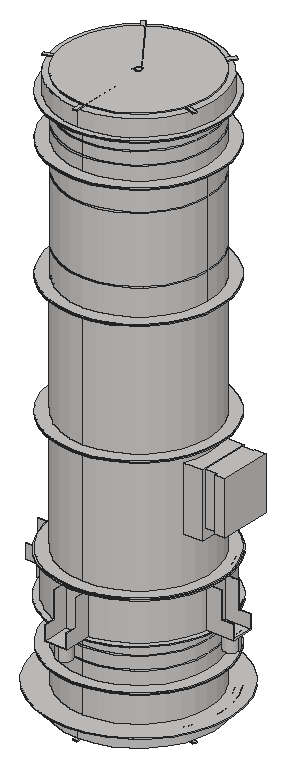
Revit family "HARMANN - REVIT - MAXEE_EC - pionowy", category Wyposażenie mechaniczne, Revit 2025
Family settings
  Wymiar okrągłego złącza = Użyj średnicy
  Klasyfikacja = Brak
  Typ części = Normalny
  Oparty na płaszczyźnie roboczej = Nie
  Zawsze pionowo = Tak
  Tnij formami wycięć po wczytaniu = Nie
  Zachowaj orientację opisów = Nie
  Współdzielony = Nie
  Punkt obliczania pomieszczeń = Nie
Parameters (values of type "MAXEE 500/9800EC")
  Zaznacz wybrane akcesoria [instance] = "Wybierz akcesoria"  # constant formula
  Zasilanie natężenie maksymalne Imax = 6 A
  Zasilanie napięcie nominalne Unom = 230 V  # constant formula
  Zasilanie fmin = 1 V  # constant formula
  Zasilanie fmax = 10 V  # constant formula
  Zasilanie Moc maksymalna Pmax = 1164 W
  Zasilanie Ilość faz = 1  # constant formula
  Wyłącznik serwisowy GS [instance] = 1 = 1  # yes
  Wysokość FSD = size_lookup(Lookup Table Name, "Wysokość FSD", 1.00 mm, N1)  # 57.00 mm
  Wysokość FAL = size_lookup(Lookup Table Name, "Wysokość FAL", 1.00 mm, N1)  # 99.00 mm
  Wysokość = R2 - (Wysokość FAL / 2) + 8.00 mm  # 208.50 mm
  Temperatura pracy T = 60 °C  # constant formula
  TRA [instance] = and(D > 999.00 mm, D < 1251.00 mm)  # no
  Rzeczywista Wartość Przepływu Wylot [instance] = Podaj Rzeczywistą Wartość Przepływu Wylot  # 0.0 m³/h
  Rzeczywista Wartość Przepływu Wlot [instance] = Podaj Rzeczywistą Wartość Przepływu Wlot  # 0.0 m³/h
  R2 = D / 2  # 250.00 mm
  Powietrze ciśnienie statyczne maksymalne dPmax = 260.0 Pa
  Powietrze Przepływ Maksymalny Qmax = 11640.0 m³/h
  Podaj Rzeczywistą Wartość Przepływu Wylot [instance] = 0.0 m³/h
  Podaj Rzeczywistą Wartość Przepływu Wlot [instance] = 0.0 m³/h
  Obroty nominalne nnom = 1510.000 obr./min
  Numer artykułu = "15411300"
  N1 = 9 mm
  Model = "MAXEE 500/9800EC"
  Moc akustyczna nominalna obudowa Lwa = "67dB(A)"
  Masa = 32.80 kg
  Producent = "Harmann Polska Sp. z o.o."  # constant formula
  MAXEE = HARMANN - MAXEE : MAXEE 500/9800EC
  Lookup Table Name = "MAXEE EC"
  Klasa odporności ogniowej Tmax = "brak"  # constant formula
  F = size_lookup(Lookup Table Name, "F", 1.00 mm, N1)  # 465.00 mm
  Długość TRA = Długość MAXEE - (23.50 mm * 2)  # 396.00 mm
  Długość SGE = 6.50 mm  # constant formula
  Długość RVS SPR [instance] = if(Czy Przyłącze okrągłe RVS, Długość RVS, 0.00 mm)  # 443.00 mm
  Długość RVS [instance] = size_lookup(Lookup Table Name, "Długość RVS", 1.00 mm, N1)  # 443.00 mm
  Długość RVK SPR [instance] = if(Czy Klapa Zwrotna RVK, Długość RVK, 0.00 mm)  # 441.00 mm
  Długość RVK [instance] = size_lookup(Lookup Table Name, "Długość RVK F4", 1.00 mm, N1)  # 441.00 mm
  Długość RAS od strony tłoczonej SPR [instance] = if(Czy Złącze Elastyczne RAS od strony tłocznej, Długość RAS, 0.00 mm)  # 153.00 mm
  Długość RAS SPR [instance] = if(Czy Złącze Elastyczne RAS, Długość RAS, 0.00 mm)  # 153.00 mm
  Długość RAS [instance] = size_lookup(Lookup Table Name, "Długość RAS F4", 1.00 mm, N1)  # 153.00 mm
  Długość RAF SPR [instance] = if(Czy Kołnierz Wlotowy RAF od strony tłocznej, Długość RAF, 0.00 mm)  # 63.00 mm
  Długość RAF [instance] = size_lookup(Lookup Table Name, "Długość RAF", 1.00 mm, N1)  # 63.00 mm
  Długość MR = size_lookup(Lookup Table Name, "Długość MR", 1.00 mm, N1)  # 154.00 mm
  Długość MAXEE = size_lookup(Lookup Table Name, "B", 1.00 mm, N1)  # 443.00 mm
  Długość ESD SPR [instance] = if(Czy Dysza wlotowa ESD, Długość ESD, 0.00 mm)  # 125.00 mm
  Długość ESD [instance] = size_lookup(Lookup Table Name, "Długość ESD", 1.00 mm, N1)  # 125.00 mm
  Opis = "Kanałowy wentylator - uklad wertykalny"  # constant formula
  Domyślna rzędna = 1219.20 mm
  D2 = D + 6.00 mm  # 506.00 mm
  D = size_lookup(Lookup Table Name, "D", 1.00 mm, N1)  # 500.00 mm
  Czy Złącze Elastyczne RAS od strony tłocznej [instance] = yes
  Czy Złącze Elastyczne RAS [instance] = yes
  Czy Siatka Ochronna SGW od strony ssawnej [instance] = yes
  Czy Siatka Ochronna SGW od strony tłocznej [instance] = yes
  Czy Przyłącze okrągłe RVS [instance] = yes
  Czy Kołnierz Wlotowy RAF od strony tłocznej [instance] = 1 = 1  # yes
  Czy Kołnierz Wlotowy RAF od strony ssawnej [instance] = 1 = 1  # yes
  Czy Klapa Zwrotna RVK [instance] = yes
  Czy Dysza wlotowa ESD [instance] = yes
  Ciśnienie akustyczne nominalne obudowa Lpa = "60 dB(A)"
  C = size_lookup(Lookup Table Name, "C", 1.00 mm, N1)  # 560.00 mm
  B = size_lookup(Lookup Table Name, "B", 1.00 mm, N1)  # 443.00 mm
  Autor = "https://www.archispace.com/"
  Akcesoria od strony tłocznej (WYLOT) [instance] = "Akcesoria od strony tłocznej"  # constant formula
  Akcesoria od strony ssawnej (WLOT) = "Akcesoria od strony ssawnej"  # constant formula
  Akc SGE dla ESD = HARMANN - Akcesoria - SGE : SGE 500
  Akc SGE = HARMANN - Akcesoria - SGE : SGE 500
  Akc RVS = HARMANN - Akcesoria - RVS : RVS 500
  Akc RVK = HARMANN - Akcesoria - RVK : RVK 500
  Akc RAS = HARMANN - Akcesoria - RAS : RAS 500
  Akc RAF = HARMANN - Akcesoria - RAF : RAF 500
  Akc MR = HARMANN - Akcesoria - MR : MR 500
  Akc ESD = HARMANN - Akcesoria - ESD : ESD 500
  A = size_lookup(Lookup Table Name, "A", 1.00 mm, N1)  # 590.00 mm
Reference planes
  plane 1 "Center (Front/Back)": y = 0
  plane 2: z = 0
  plane 3 "Center (Left/Right)": x = 0
  plane 4: z = 69.5
  plane 5: z = 501.5
  plane 6: z = 347.5
  plane 7: z = 194.5
  plane 8: z = 944.5
  plane 9: z = 1981.5
  plane 10: z = 1828.5
  plane 11: z = 2044.5
  plane 12: z = 2051
  plane 13: z = 1387.5
  plane 14: z = 6.5
Dimensions and locks
  "Długość MR": plane 5 to plane 6
  "Długość RAS SPR": plane 6 to plane 7
  "Długość MAXEE": plane 8 to plane 5
  "Długość ESD SPR": plane 7 to plane 4
  "Długość RVK SPR": plane 10 to plane 13
  "Długość RVS SPR": plane 13 to plane 8
  "Długość RAS od strony tłoczonej SPR": plane 9 to plane 10
  "Długość RAF SPR": plane 11 to plane 9
  "Długość SGE": plane 12 to plane 11
  "Długość RAF SPR": plane 4 to plane 14
  "Długość SGE": plane 14 to level
  aligned and locked: level to plane 2
  aligned and locked: nested 1 to plane 1 "Center (Front/Back)"
  aligned and locked: nested 2 to plane 1 "Center (Front/Back)"
  aligned and locked: nested 3 to plane 1 "Center (Front/Back)"
  aligned and locked: nested 4 to plane 1 "Center (Front/Back)"
  aligned and locked: nested 4 to plane 5
  aligned and locked: nested 2 to plane 6
  aligned and locked: nested 3 to plane 7
  aligned and locked: plane 8 to nested 1
  aligned and locked: plane 1 "Center (Front/Back)" to nested 5
  aligned and locked: nested 6 to plane 9
  aligned and locked: nested 7 to plane 10
  aligned and locked: plane 1 "Center (Front/Back)" to nested 7
  aligned and locked: plane 3 "Center (Left/Right)" to nested 7
  aligned and locked: nested 8 to plane 1 "Center (Front/Back)"
  aligned and locked: plane 11 to nested 8
  aligned and locked: plane 13 to nested 5
  aligned and locked: nested 9 to plane 1 "Center (Front/Back)"
  aligned and locked: plane 12 to nested 9
  aligned and locked: plane 1 "Center (Front/Back)" to nested 10
  aligned and locked: plane 4 to nested 11
  aligned and locked: plane 14 to nested 10
  aligned and locked: plane 1 "Center (Front/Back)" to nested 11
Nested families
  nested 1: "HARMANN - MAXEE" at (0, 0, 501.5) x (0, 1, 0) z (1, 0, 0), type <- "MAXEE", type "MAXEE 500/9800EC"
  nested 2: "HARMANN - Akcesoria - RAS" at (0, 0, 194.5) x (0, 1, 0) z (1, 0, 0), type <- "Akc RAS", visible <- "Czy Złącze Elastyczne RAS", type "RAS 500"
    with N1 5 mm, Masa 6.00 kg, E 153.00 mm, D 504.00 mm, B 500.00 mm, A2 590.00 mm, A 560.00 mm
  nested 3: "HARMANN - Akcesoria - ESD" at (0, 0, 69.5) x (0, 1, 0) z (1, 0, 0), type <- "Akc ESD", visible <- "Czy Dysza wlotowa ESD", type "ESD 500"
  nested 4: "HARMANN - Akcesoria - MR" at (0, 0, 347.5) x (0, 1, 0) z (1, 0, 0), type <- "Akc MR", type "MR 500"
  nested 5: "HARMANN - Akcesoria - RVS" at (0, 0, 1387.5) x (0, -1, 0) z (1, 0, 0), type <- "Akc RVS", visible <- "Czy Przyłącze okrągłe RVS", type "RVS 500"
  nested 6: "HARMANN - Akcesoria - RAS" at (0, 0, 1828.5) x (0, 1, 0) z (1, 0, 0), type <- "Akc RAS", visible <- "Czy Złącze Elastyczne RAS od strony tłocznej", type "RAS 500"
    with N1 5 mm, Masa 6.00 kg, E 153.00 mm, D 504.00 mm, B 500.00 mm, A2 590.00 mm, A 560.00 mm
  nested 7: "HARMANN - Akcesoria - RVK" at (0, 0, 1387.5) x (1, 0, 0) z (0, -1, 0), type <- "Akc RVK", visible <- "Czy Klapa Zwrotna RVK", type "RVK 500"
    with Instalacja Pionowa yes
  nested 8: "HARMANN - Akcesoria - RAF" at (0, 0, 1981.5) x (0, -1, 0) z (1, 0, 0), type <- "Akc RAF", visible <- "Czy Kołnierz Wlotowy RAF od strony tłocznej", type "RAF 500"
  nested 9: "HARMANN - Akcesoria - SGE" at (0, 0, 2044.5) x (0, -1, 0) z (1, 0, 0), type <- "Akc SGE", visible <- "Czy Siatka Ochronna SGW od strony tłocznej", type "SGE 500"
  nested 10: "HARMANN - Akcesoria - SGE" at (0, 0, 6.5) x (0, -1, 0) z (1, 0, 0), type <- "Akc SGE dla ESD", visible <- "Czy Siatka Ochronna SGW od strony ssawnej", type "SGE 500"
  nested 11: "HARMANN - Akcesoria - RAF" at (0, 0, 69.5) x (0, -1, 0) z (1, 0, 0), type <- "Akc RAF", visible <- "Czy Kołnierz Wlotowy RAF od strony ssawnej", type "RAF 500"
Connectors
  electrical at (385, 0, 806.25), driven by "Zasilanie Ilość faz", driven by "Zasilanie napięcie nominalne Unom", driven by "Zasilanie Moc maksymalna Pmax"
    settings: on nested 1, index 1, voltage 230 V, apparent load 1164 VA, apparent load phase1 0 VA, apparent load phase2 0 VA, apparent load phase3 0 VA, power factor 1, load classification "Other", number of poles 1, system type 30, power factor state 1, is connector primary yes, connector utility no, sub classification motor no, connector description ""
  hvac at (0, 0, 1981.5), driven by "D", driven by "Rzeczywista Wartość Przepływu Wylot"
    settings: on nested 8, index 2, duct flow 0.0 m³/h, flow factor 0, pres drop 0.0 Pa, loss coef 0, conn angle 0.00°, conn width 304.8 mm, conn height 304.8 mm, conn diameter 500 mm, duct sys type 29, conn prof type 0, flow config 0, flow direction 2, loss method 0, conn ref index -1, conn util no, is conn primary yes, conn desc ""
  hvac at (0, 0, 194.5), driven by "D", driven by "Rzeczywista Wartość Przepływu Wlot"
    settings: on nested 3, index 3, duct flow 0.0 m³/h, flow factor 0, pres drop 0.0 Pa, loss coef 0, conn angle 0.00°, conn width 304.8 mm, conn height 304.8 mm, conn diameter 500 mm, duct sys type 29, conn prof type 0, flow config 1, flow direction 1, loss method 0, conn ref index -1, conn util no, is conn primary no, conn desc ""
Definition of nested family "HARMANN - MAXEE"
  Parameters (values of type "MAXEE 315/5100EC")
    z = D - 100.00 mm  # 215.00 mm
    y = D - 200.00 mm  # 115.00 mm
    R = D2 / 2  # 160.50 mm
    Numer artykułu = "15413600"
    N1 = 2 mm
    Model = "MAXEE 315/5100EC"
    Lookup Table Name = "MAXEE_EC"
    F = size_lookup(Lookup Table Name, "F", 1.00 mm, N1)  # 396.00 mm
    Description = "Wentylator bytowy"
    Default Elevation = 1219.20 mm
    D2 = D + 6.00 mm  # 321.00 mm
    D = size_lookup(Lookup Table Name, "D", 1.00 mm, N1)  # 315.00 mm
    B = size_lookup(Lookup Table Name, "B", 1.00 mm, N1)  # 383.00 mm
    A = size_lookup(Lookup Table Name, "A", 1.00 mm, N1)  # 380.00 mm
  Types (5, lengths in mm): name | z | y | R | Numer artykułu | N1 | Model | F | D2 | D | B | A
    MAXEE 500/9800EC | 400.00 | 300.00 | 253.00 | "15411300" | 9 | "MAXEE 500/9800EC" | 465.00 | 506.00 | 500.00 | 443.00 | 590.00
    MAXEE 450/11100EC | 350.00 | 250.00 | 228.00 | "15470800" | 7 | "MAXEE 450/11100EC" | 396.00 | 456.00 | 450.00 | 368.00 | 530.00
    MAXEE 400/8900EC | 300.00 | 200.00 | 203.00 | "15409300" | 6 | "MAXEE 400/8900EC" | 396.00 | 406.00 | 400.00 | 368.00 | 480.00
    MAXEE 355/7100EC | 255.00 | 155.00 | 180.50 | "15413600" | 4 | "MAXEE 355/7100EC" | 396.00 | 361.00 | 355.00 | 383.00 | 420.00
    MAXEE 315/5100EC | 215.00 | 115.00 | 160.50 | "15413600" | 2 | "MAXEE 315/5100EC" | 396.00 | 321.00 | 315.00 | 383.00 | 380.00
  Reference planes
    plane 1 "Center (Front/Back)": y = 0
    plane 2: z = 0
    plane 3 "Center (Left/Right)": x = 0
    plane 4: x = -157.5
    plane 5: x = 157.5
    plane 6: z = 157.5
    plane 7: z = -157.5
    plane 8: y = 383
    plane 9 "Center L/S": y = 3
    plane 10: y = 380
    plane 11: y = 283
    plane 12: y = 396
    plane 13: y = 340
    plane 14: y = 110
    plane 15: x = -92.5
    plane 16: x = 92.5
    plane 17: z = 292.5
  Forms (mm)
    Sweep 1, solid, detail levels medium+fine
      path origin (0, 0, 0) x (1, 0, 0) y (0, 1, 0)
        loop
          line (0, 380) -> (0, 3)
      profile origin (0, 191.5, 0) x (1, 0, 0) y (0, 0, 1)
        loop
          circle (0, 0) r 157.5
        loop
          circle (0, 0) r 160.5
    Sweep 2, solid, detail levels medium+fine
      path origin (0, 0, 0) x (1, 0, 0) y (0, 1, 0)
        loop
          line (0, 383) -> (0, 380)
      profile origin (0, 381.5, 0) x (1, 0, 0) y (0, 0, 1)
        loop
          circle (0, 0) r 190
        loop
          circle (0, 0) r 157.5
    Sweep 3, solid, detail levels medium+fine
      path origin (0, 0, 0) x (1, 0, 0) y (0, 1, 0)
        loop
          line (0, 3) -> (0, 0)
      profile origin (0, 1.5, 0) x (1, 0, 0) y (0, 0, 1)
        loop
          circle (0, 0) r 190
        loop
          circle (0, 0) r 157.5
    Sweep 4, solid, detail levels coarse
      path origin (0, 0, 0) x (1, 0, 0) y (0, 1, 0)
        loop
          line (0, 383) -> (0, 0)
      profile origin (0, 191.5, 0) x (1, 0, 0) y (0, 0, 1)
        loop
          circle (0, 0) r 190
    Sweep 5, solid, detail levels medium+fine
      path origin (-1437.329, -1524, 157.5) x (-1, 0, 0) y (0, -1, 0)
        loop
          line (-1437.329, -1864) -> (-1437.329, -1634)
      profile origin (0, 225, 157.5) x (1, 0, 0) y (0, 0, 1)
        loop
          line (92.5, -26.336) -> (92.5, 55.5) -> (-92.5, 55.5) -> (-92.5, -26.336)
          arc (-92.5, -26.336) -> (0, 3) -> (92.5, -26.336) r 160.5
    Sweep 6, solid, detail levels medium+fine
      path origin (-1437.329, -1524, 157.5) x (-1, 0, 0) y (0, -1, 0)
        loop
          line (-1437.329, -1864) -> (-1437.329, -1673.5)
      profile origin (0, 244.75, 157.5) x (1, 0, 0) y (0, 0, 1)
        loop
          line (-92.5, 135) -> (-92.5, 98) -> (-83.5, 98) -> (-83.5, 55.5) -> (83.5, 55.5) -> (83.5, 98) -> (92.5, 98) -> (92.5, 135) -> (-92.5, 135)
    Sweep 7, solid, detail levels medium+fine
      path origin (0, 0, 0) x (1, 0, 0) y (0, 1, 0)
        loop
          line (0, 380) -> (0, 3)
      profile origin (0, 191.5, 0) x (1, 0, 0) y (0, 0, 1)
        loop
          circle (0, 0) r 107.5
    Sweep 8, solid, detail levels medium+fine
      path origin (0, 0, 0) x (1, 0, 0) y (0, 1, 0)
        loop
          line (0, 396) -> (0, 383)
      profile origin (0, 389.5, 0) x (1, 0, 0) y (0, 0, 1)
        loop
          circle (0, 0) r 57.5
  Dimensions and locks
    equal spacing: plane 5, plane 3 "Center (Left/Right)", plane 4
    "D": plane 5 to plane 4
    equal spacing: plane 6, level, plane 7
    "D": plane 6 to plane 7
    locked: plane 1 "Center (Front/Back)" to plane 9 "Center L/S" at 3
    locked: plane 10 to plane 8 at 3
    locked: plane 11 to plane 8 at 100
    "F": plane 1 "Center (Front/Back)" to plane 12
    "B": plane 1 "Center (Front/Back)" to plane 8
    locked: plane 13 to plane 8 at 43
    locked: plane 14 to plane 13 at 230
    plane 15 to plane 3 "Center (Left/Right)" to plane 16 = 92.50 mm locked, 92.50 mm locked
    locked: plane 17 to plane 6 at 135
    locked: plane 17 to Sweep 5 sketch curve at 79.5
    locked: plane 17 to Sweep 6 sketch curve at 37
    locked: Sweep 6 sketch curve to plane 17 at 79.5
    locked: Sweep 6 sketch curve to plane 15 at 9
    locked: plane 16 to Sweep 6 sketch curve at 9
    locked: plane 14 to Sweep 6 sketch curve at 39.5
    "D": diameter of Sweep 1 sketch curve
    "D2": diameter of Sweep 1 sketch curve
    "D": diameter of Sweep 2 sketch curve
    "A": diameter of Sweep 2 sketch curve
    "D": diameter of Sweep 3 sketch curve
    "A": diameter of Sweep 3 sketch curve
    "A": diameter of Sweep 4 sketch curve
    "R": radius of Sweep 5 sketch curve
    "z": diameter of Sweep 7 sketch curve
    "y": diameter of Sweep 8 sketch curve
    aligned and locked: level to plane 2
    aligned and locked: Sweep 1 sketch curve to plane 3 "Center (Left/Right)"
    aligned and locked: plane 10 to Sweep 1 sketch curve
    aligned and locked: plane 9 "Center L/S" to Sweep 1 sketch curve
    aligned and locked: Sweep 2 sketch curve to plane 3 "Center (Left/Right)"
    aligned and locked: plane 8 to Sweep 2 sketch curve
    aligned and locked: plane 10 to Sweep 2 sketch curve
    aligned and locked: plane 1 "Center (Front/Back)" to Sweep 3 sketch curve
    aligned and locked: plane 9 "Center L/S" to Sweep 3 sketch curve
    aligned and locked: plane 8 to Sweep 4 sketch curve
    aligned and locked: plane 1 "Center (Front/Back)" to Sweep 4 sketch curve
    aligned and locked: Sweep 5 sketch curve to plane 3 "Center (Left/Right)"
    aligned and locked: plane 14 to Sweep 5 sketch curve
    aligned and locked: plane 13 to Sweep 5 sketch curve
    aligned and locked: Sweep 5 sketch curve to plane 15
    aligned and locked: Sweep 5 sketch curve to plane 16
    aligned and locked: level to Sweep 5 sketch curve
    aligned and locked: plane 3 "Center (Left/Right)" to Sweep 5 sketch curve
    aligned and locked: plane 13 to Sweep 6 sketch curve
    aligned and locked: Sweep 6 sketch curve to plane 15
    aligned and locked: Sweep 6 sketch curve to plane 16
    aligned and locked: Sweep 6 sketch curve to plane 17
    aligned and locked: plane 10 to Sweep 7 sketch curve
    aligned and locked: plane 9 "Center L/S" to Sweep 7 sketch curve
    aligned and locked: plane 12 to Sweep 8 sketch curve
    aligned and locked: plane 8 to Sweep 8 sketch curve
  Automatic sketch dimensions
    Sweep 3 sketch curve to plane 3 "Center (Left/Right)" = 0.00 mm
    Sweep 4 sketch curve to plane 3 "Center (Left/Right)" = 0.00 mm
    Sweep 6 sketch curve to Sweep 6 sketch curve = 37.00 mm
    Sweep 6 sketch curve to plane 3 "Center (Left/Right)" = 0.00 mm
    Sweep 7 sketch curve to plane 3 "Center (Left/Right)" = 0.00 mm
    Sweep 8 sketch curve to plane 3 "Center (Left/Right)" = 0.00 mm
    Sweep 1 sketch curve to Sweep 1 sketch curve = 0.00 mm  (x2)
    Sweep 1 sketch curve to level = 0.00 mm
    profile plane to Sweep 1 sketch curve = 0.00 mm
    Sweep 2 sketch curve to Sweep 2 sketch curve = 0.00 mm  (x2)
    Sweep 2 sketch curve to level = 0.00 mm
    profile plane to Sweep 2 sketch curve = 0.00 mm
    Sweep 3 sketch curve to Sweep 3 sketch curve = 0.00 mm  (x2)
    Sweep 3 sketch curve to level = 0.00 mm
    profile plane to Sweep 3 sketch curve = 0.00 mm
    Sweep 4 sketch curve to level = 0.00 mm
    profile plane to Sweep 4 sketch curve = 0.00 mm
    Sweep 7 sketch curve to level = 0.00 mm
    profile plane to Sweep 7 sketch curve = 0.00 mm
    Sweep 8 sketch curve to level = 0.00 mm
    profile plane to Sweep 8 sketch curve = 0.00 mm
Definition of nested family "HARMANN - Akcesoria - RAS"
  Parameters (values of type "RAS 315 F4")
    N1 = 1 mm
    Model = size_lookup(Lookup Table Name, "Model", "n/a", N1)  # "RAS 315 F4"
    Masa = 2.70 kg
    Manufacturer = "Harmann Polska Sp. z o.o."  # constant formula
    Lookup Table Name = "RAS F4"
    E = size_lookup(Lookup Table Name, "E", 1.00 mm, N1)  # 120.00 mm
    Description = "Złącze elastyczne"  # constant formula
    Default Elevation = 1219.20 mm
    D = B + 4.00 mm  # 319.00 mm
    B = size_lookup(Lookup Table Name, "B", 1.00 mm, N1)  # 315.00 mm
    A2 = A + 30.00 mm  # 385.00 mm
    A = size_lookup(Lookup Table Name, "A", 1.00 mm, N1)  # 355.00 mm
  Types (13, lengths in mm): name | N1 | Model | Masa | E | D | B | A2 | A
    RAS 1000 F4 | 11 | "RAS 1000 F4" | 16.50 kg | 245.00 | 1004.00 | 1000.00 | 1100.00 | 1070.00
    RAS 315 F4 | 1 | "RAS 315 F4" | 2.70 kg | 120.00 | 319.00 | 315.00 | 385.00 | 355.00
    RAS 355 F4 | 2 | "RAS 355 F4" | 3.30 kg | 120.00 | 359.00 | 355.00 | 425.00 | 395.00
    RAS 400 F4 | 3 | "RAS 400 F4" | 3.70 kg | 105.00 | 404.00 | 400.00 | 480.00 | 450.00
    RAS 450 F4 | 4 | "RAS 450 F4" | 4.50 kg | 105.00 | 454.00 | 450.00 | 530.00 | 500.00
    RAS 500 F4 | 5 | "RAS 500 F4" | 6.00 kg | 153.00 | 504.00 | 500.00 | 590.00 | 560.00
    RAS 560 F4 | 6 | "RAS 560 F4" | 6.60 kg | 153.00 | 564.00 | 560.00 | 650.00 | 620.00
    RAS 630 F4 | 7 | "RAS 630 F4" | 7.40 kg | 153.00 | 634.00 | 630.00 | 720.00 | 690.00
    RAS 710 F4 | 8 | "RAS 710 F4" | 12.50 kg | 255.00 | 714.00 | 710.00 | 800.00 | 770.00
    RAS 800 F4 | 9 | "RAS 800 F4" | 13.20 kg | 255.00 | 804.00 | 800.00 | 890.00 | 860.00
    RAS 900 F4 | 10 | "RAS 900 F4" | 14.90 kg | 245.00 | 904.00 | 900.00 | 1000.00 | 970.00
    RAS 1120 F4 | 12 | "RAS 1120 F4" | 18.50 kg | 235.00 | 1124.00 | 1120.00 | 1220.00 | 1190.00
    RAS 1250 F4 | 13 | "RAS 1250 F4" | 20.60 kg | 235.00 | 1254.00 | 1250.00 | 1350.00 | 1320.00
  Reference planes
    plane 1 "Center (Front/Back)": y = 0
    plane 2: z = 0
    plane 3 "Center (Left/Right)": x = 0
    plane 4: x = -177.5
    plane 5: x = 177.5
    plane 6: z = 177.5
    plane 7: z = -177.5
    plane 8: y = 120
    plane 9 "Center L/S": y = 3
    plane 10: y = 117
    plane 11: y = 20
    plane 12: y = 100
  Forms (mm)
    Sweep 1, solid, detail levels medium+fine
      path origin (0, 0, 0) x (1, 0, 0) y (0, 1, 0)
        loop
          line (0, 117) -> (0, 3)
      profile origin (0, 60, 0) x (1, 0, 0) y (0, 0, 1)
        loop
          circle (0, 0) r 159.5
        loop
          circle (0, 0) r 157.5
    Sweep 2, solid, detail levels medium+fine
      path origin (0, 0, 0) x (1, 0, 0) y (0, 1, 0)
        loop
          line (0, 120) -> (0, 117)
      profile origin (0, 118.5, 0) x (1, 0, 0) y (0, 0, 1)
        loop
          circle (0, 0) r 192.5
        loop
          circle (0, 0) r 157.5
    Sweep 3, solid, detail levels medium+fine
      path origin (0, 0, 0) x (1, 0, 0) y (0, 1, 0)
        loop
          line (0, 3) -> (0, 0)
      profile origin (0, 1.5, 0) x (1, 0, 0) y (0, 0, 1)
        loop
          circle (0, 0) r 192.5
        loop
          circle (0, 0) r 157.5
    Sweep 4, solid, detail levels coarse
      path origin (0, 0, 0) x (1, 0, 0) y (0, 1, 0)
        loop
          line (0, 120) -> (0, 0)
      profile origin (0, 60, 0) x (1, 0, 0) y (0, 0, 1)
        loop
          circle (0, 0) r 192.5
    Sweep 5, solid, detail levels medium+fine
      path origin (0, 0, 0) x (1, 0, 0) y (0, 1, 0)
        loop
          line (0, 102) -> (0, 98)
      profile origin (0, 100, 0) x (1, 0, 0) y (0, 0, 1)
        loop
          circle (0, 0) r 159.5
        loop
          circle (0, 0) r 157.5
    Sweep 6, solid, detail levels medium+fine
      path origin (0, 0, 0) x (1, 0, 0) y (0, 1, 0)
        loop
          line (0, 22) -> (0, 18)
      profile origin (0, 20, 0) x (1, 0, 0) y (0, 0, 1)
        loop
          circle (0, 0) r 159.5
        loop
          circle (0, 0) r 157.5
  Dimensions and locks
    equal spacing: plane 5, plane 3 "Center (Left/Right)", plane 4
    "A": plane 5 to plane 4
    equal spacing: plane 6, level, plane 7
    "A": plane 6 to plane 7
    locked: plane 1 "Center (Front/Back)" to plane 9 "Center L/S" at 3
    locked: plane 10 to plane 8 at 3
    locked: plane 11 to plane 8 at 100
    "E": plane 1 "Center (Front/Back)" to plane 8
    locked: plane 1 "Center (Front/Back)" to plane 12 at 100
    equal spacing: Sweep 5 sketch curve, plane 12, Sweep 5 sketch curve
    Sweep 5 sketch curve to Sweep 5 sketch curve = 4.00 mm
    locked: Sweep 6 sketch curve to Sweep 6 sketch curve at 4
    equal spacing: Sweep 6 sketch curve, plane 11, Sweep 6 sketch curve
    "B": diameter of Sweep 1 sketch curve
    "B": diameter of Sweep 2 sketch curve
    "A2": diameter of Sweep 2 sketch curve
    "B": diameter of Sweep 3 sketch curve
    "A2": diameter of Sweep 3 sketch curve
    "A2": diameter of Sweep 4 sketch curve
    "D": diameter of Sweep 1 sketch curve
    "D": diameter of Sweep 5 sketch curve
    "B": diameter of Sweep 5 sketch curve
    "D": diameter of Sweep 6 sketch curve
    "B": diameter of Sweep 6 sketch curve
    aligned and locked: level to plane 2
    aligned and locked: Sweep 1 sketch curve to plane 3 "Center (Left/Right)"
    aligned and locked: plane 10 to Sweep 1 sketch curve
    aligned and locked: plane 9 "Center L/S" to Sweep 1 sketch curve
    aligned and locked: Sweep 2 sketch curve to plane 3 "Center (Left/Right)"
    aligned and locked: plane 8 to Sweep 2 sketch curve
    aligned and locked: plane 10 to Sweep 2 sketch curve
    aligned and locked: plane 1 "Center (Front/Back)" to Sweep 3 sketch curve
    aligned and locked: plane 9 "Center L/S" to Sweep 3 sketch curve
    aligned and locked: plane 8 to Sweep 4 sketch curve
    aligned and locked: plane 1 "Center (Front/Back)" to Sweep 4 sketch curve
  Automatic sketch dimensions
    Sweep 3 sketch curve to plane 3 "Center (Left/Right)" = 0.00 mm
    Sweep 4 sketch curve to plane 3 "Center (Left/Right)" = 0.00 mm
    Sweep 5 sketch curve to plane 3 "Center (Left/Right)" = 0.00 mm
    Sweep 6 sketch curve to plane 3 "Center (Left/Right)" = 0.00 mm
    Sweep 1 sketch curve to Sweep 1 sketch curve = 0.00 mm  (x2)
    Sweep 1 sketch curve to level = 0.00 mm
    profile plane to Sweep 1 sketch curve = 0.00 mm
    Sweep 2 sketch curve to Sweep 2 sketch curve = 0.00 mm  (x2)
    Sweep 2 sketch curve to level = 0.00 mm
    profile plane to Sweep 2 sketch curve = 0.00 mm
    Sweep 3 sketch curve to Sweep 3 sketch curve = 0.00 mm  (x2)
    Sweep 3 sketch curve to level = 0.00 mm
    profile plane to Sweep 3 sketch curve = 0.00 mm
    Sweep 4 sketch curve to level = 0.00 mm
    profile plane to Sweep 4 sketch curve = 0.00 mm
    Sweep 5 sketch curve to Sweep 5 sketch curve = 0.00 mm  (x2)
    Sweep 5 sketch curve to level = 0.00 mm
    profile plane to Sweep 5 sketch curve = 0.00 mm
    Sweep 6 sketch curve to Sweep 6 sketch curve = 0.00 mm  (x2)
    Sweep 6 sketch curve to level = 0.00 mm
    profile plane to Sweep 6 sketch curve = 0.00 mm
Definition of nested family "HARMANN - Akcesoria - ESD"
  Parameters (values of type "ESD 1250")
    Numer artykułu = size_lookup(Lookup Table Name, "Numer artykułu", "n/a", N1)  # "15758000"
    N1 = 13 mm
    Model = size_lookup(Lookup Table Name, "Model", "n/a", N1)  # "ESD 1250"
    Manufacturer = "Harmann Polska Sp. z o.o."  # constant formula
    Lookup Table Name = "ESD"
    F2 = F + 50.00 mm  # 1520.00 mm
    F = size_lookup(Lookup Table Name, "F", 1.00 mm, N1)  # 1470.00 mm
    E = size_lookup(Lookup Table Name, "E", 1.00 mm, N1)  # 178.00 mm
    Description = "Dysza wlotowa"
    Default Elevation = 1219.20 mm
    B2 = B + 4.00 mm  # 1254.00 mm
    B = size_lookup(Lookup Table Name, "B", 1.00 mm, N1)  # 1250.00 mm
    A2 = A + 30.00 mm  # 1350.00 mm
    A = size_lookup(Lookup Table Name, "A", 1.00 mm, N1)  # 1320.00 mm
  Types (13, lengths in mm): name | Numer artykułu | N1 | Model | F2 | F | E | B2 | B | A2 | A
    ESD 1000 | "15756900" | 11 | "ESD 1000" | 1240.00 | 1190.00 | 178.00 | 1004.00 | 1000.00 | 1100.00 | 1070.00
    ESD 315 | "15396200" | 1 | "ESD 315" | 445.00 | 395.00 | 79.00 | 319.00 | 315.00 | 385.00 | 355.00
    ESD 355 | "15396100" | 2 | "ESD 355" | 500.00 | 450.00 | 89.00 | 359.00 | 355.00 | 425.00 | 395.00
    ESD 400 | "15395900" | 3 | "ESD 400" | 550.00 | 500.00 | 100.00 | 404.00 | 400.00 | 480.00 | 450.00
    ESD 500 | "15395600" | 5 | "ESD 500" | 670.00 | 620.00 | 125.00 | 504.00 | 500.00 | 590.00 | 560.00
    ESD 450 | "15395700" | 4 | "ESD 450" | 610.00 | 560.00 | 112.00 | 454.00 | 450.00 | 530.00 | 500.00
    ESD 560 | "15395300" | 6 | "ESD 560" | 740.00 | 690.00 | 140.00 | 564.00 | 560.00 | 650.00 | 620.00
    ESD 630 | "15394200" | 7 | "ESD 630" | 820.00 | 770.00 | 158.00 | 634.00 | 630.00 | 720.00 | 690.00
    ESD 710 | "15393900" | 8 | "ESD 710" | 910.00 | 860.00 | 178.00 | 714.00 | 710.00 | 800.00 | 770.00
    ESD 800 | "15752700" | 9 | "ESD 800" | 1020.00 | 970.00 | 178.00 | 804.00 | 800.00 | 890.00 | 860.00
    ESD 900 | "15754300" | 10 | "ESD 900" | 1120.00 | 1070.00 | 178.00 | 904.00 | 900.00 | 1000.00 | 970.00
    ESD 1120 | "15933300" | 12 | "ESD 1120" | 1375.00 | 1325.00 | 178.00 | 1124.00 | 1120.00 | 1220.00 | 1190.00
    ESD 1250 | "15758000" | 13 | "ESD 1250" | 1520.00 | 1470.00 | 178.00 | 1254.00 | 1250.00 | 1350.00 | 1320.00
  Reference planes
    plane 1 "Center (Front/Back)": y = 0
    plane 2: z = 0
    plane 3 "Center (Left/Right)": x = 0
    plane 4: x = -660
    plane 5: x = 660
    plane 6: z = 660
    plane 7: z = -660
    plane 8: y = 178
    plane 9 "Center L/S": y = 3
    plane 10: y = 175
  Forms (mm)
    Sweep 1, solid, detail levels medium+fine
      path origin (0, 0, 0) x (1, 0, 0) y (0, 1, 0)
        loop
          line (0, 175) -> (0, 3)
      profile origin (0, 89, 0) x (1, 0, 0) y (0, 0, 1)
        loop
          circle (0, 0) r 625
        loop
          circle (0, 0) r 627
    Sweep 2, solid, detail levels medium+fine
      path origin (0, 0, 0) x (1, 0, 0) y (0, 1, 0)
        loop
          line (0, 178) -> (0, 175)
      profile origin (0, 176.5, 0) x (1, 0, 0) y (0, 0, 1)
        loop
          circle (0, 0) r 675
        loop
          circle (0, 0) r 625
    Sweep 3, solid, detail levels medium+fine
      path origin (0, 0, 0) x (1, 0, 0) y (0, 1, 0)
        loop
          line (0, 3) -> (0, 0)
      profile origin (0, 1.5, 0) x (1, 0, 0) y (0, 0, 1)
        loop
          circle (0, 0) r 760
        loop
          circle (0, 0) r 625
    Sweep 4, solid, detail levels coarse
      path origin (0, 0, 0) x (1, 0, 0) y (0, 1, 0)
        loop
          line (0, 178) -> (0, 0)
      profile origin (0, 89, 0) x (1, 0, 0) y (0, 0, 1)
        loop
          circle (0, 0) r 760
  Dimensions and locks
    equal spacing: plane 5, plane 3 "Center (Left/Right)", plane 4
    "A": plane 5 to plane 4
    equal spacing: plane 6, level, plane 7
    "A": plane 6 to plane 7
    locked: plane 1 "Center (Front/Back)" to plane 9 "Center L/S" at 3
    locked: plane 10 to plane 8 at 3
    "E": plane 1 "Center (Front/Back)" to plane 8
    "B2": diameter of Sweep 1 sketch curve
    "B": diameter of Sweep 2 sketch curve
    "A2": diameter of Sweep 2 sketch curve
    "B": diameter of Sweep 3 sketch curve
    "F2": diameter of Sweep 3 sketch curve
    "F2": diameter of Sweep 4 sketch curve
    "B": diameter of Sweep 1 sketch curve
    aligned and locked: level to plane 2
    aligned and locked: Sweep 1 sketch curve to plane 3 "Center (Left/Right)"
    aligned and locked: plane 10 to Sweep 1 sketch curve
    aligned and locked: plane 9 "Center L/S" to Sweep 1 sketch curve
    aligned and locked: Sweep 2 sketch curve to plane 3 "Center (Left/Right)"
    aligned and locked: plane 8 to Sweep 2 sketch curve
    aligned and locked: plane 10 to Sweep 2 sketch curve
    aligned and locked: plane 1 "Center (Front/Back)" to Sweep 3 sketch curve
    aligned and locked: plane 9 "Center L/S" to Sweep 3 sketch curve
    aligned and locked: plane 8 to Sweep 4 sketch curve
    aligned and locked: plane 1 "Center (Front/Back)" to Sweep 4 sketch curve
  Automatic sketch dimensions
    Sweep 3 sketch curve to plane 3 "Center (Left/Right)" = 0.00 mm
    Sweep 4 sketch curve to plane 3 "Center (Left/Right)" = 0.00 mm
    Sweep 1 sketch curve to Sweep 1 sketch curve = 0.00 mm  (x2)
    Sweep 1 sketch curve to level = 0.00 mm
    profile plane to Sweep 1 sketch curve = 0.00 mm
    Sweep 2 sketch curve to Sweep 2 sketch curve = 0.00 mm  (x2)
    Sweep 2 sketch curve to level = 0.00 mm
    profile plane to Sweep 2 sketch curve = 0.00 mm
    Sweep 3 sketch curve to Sweep 3 sketch curve = 0.00 mm  (x2)
    Sweep 3 sketch curve to level = 0.00 mm
    profile plane to Sweep 3 sketch curve = 0.00 mm
    Sweep 4 sketch curve to level = 0.00 mm
    profile plane to Sweep 4 sketch curve = 0.00 mm
Definition of nested family "HARMANN - Akcesoria - MR"
  Parameters (values of type "MR 1000")
    Numer artykułu = size_lookup(Lookup Table Name, "Numer artykułu", "n/a", N1)  # "16495100"
    N1 = 11 mm
    Model = size_lookup(Lookup Table Name, "Model", "n/a", N1)  # "MR 1000"
    Manufacturer = "Harmann Polska Sp. z o.o."  # constant formula
    Lookup Table Name = "MR"
    H = size_lookup(Lookup Table Name, "H", 1.00 mm, N1)  # 300.00 mm
    G = size_lookup(Lookup Table Name, "G", 1.00 mm, N1)  # 1335.00 mm
    F = size_lookup(Lookup Table Name, "F", 1.00 mm, N1)  # 1225.00 mm
    Description = "Pierścień montażowy."
    Default Elevation = 1219.20 mm
    Autor = "https://www.archispace.com/"
    Akc FSD = HARMANN - Akcesoria - FSD : FSD 11
    A2 = A + 40.00 mm  # 1110.00 mm
    B = size_lookup(Lookup Table Name, "B", 1.00 mm, N1)  # 1000.00 mm
    A = size_lookup(Lookup Table Name, "A", 1.00 mm, N1)  # 1070.00 mm
  Types (13, lengths in mm): name | Numer artykułu | N1 | Model | H | G | F | Akc FSD | A2 | B | A
    MR 315 | "16567000" | 1 | "MR 315" | 154.00 | 560.50 | 480.00 | HARMANN - Akcesoria - FSD : FSD 01 | 395.00 | 315.00 | 355.00
    MR 355 | "16571300" | 2 | "MR 355" | 154.00 | 600.00 | 520.00 | HARMANN - Akcesoria - FSD : FSD 01 | 435.00 | 355.00 | 395.00
    MR 400 | "16574200" | 3 | "MR 400" | 154.00 | 645.00 | 565.00 | HARMANN - Akcesoria - FSD : FSD 01 | 490.00 | 400.00 | 450.00
    MR 450 | "16489100" | 4 | "MR 450" | 154.00 | 700.00 | 620.00 | HARMANN - Akcesoria - FSD : FSD 02 | 540.00 | 450.00 | 500.00
    MR 500 | "16581400" | 5 | "MR 500" | 154.00 | 750.00 | 670.00 | HARMANN - Akcesoria - FSD : FSD 03 | 600.00 | 500.00 | 560.00
    MR 560 | "16582500" | 6 | "MR 560" | 154.00 | 810.00 | 730.00 | HARMANN - Akcesoria - FSD : FSD 02 | 660.00 | 560.00 | 620.00
    MR 630 | "16585200" | 7 | "MR 630" | 154.00 | 885.00 | 805.00 | HARMANN - Akcesoria - FSD : FSD 03 | 730.00 | 630.00 | 690.00
    MR 710 | "16587200" | 8 | "MR 710" | 154.00 | 960.00 | 880.00 | HARMANN - Akcesoria - FSD : FSD 04 | 810.00 | 710.00 | 770.00
    MR 800 | "16599400" | 9 | "MR 800" | 300.00 | 1130.00 | 1005.00 | HARMANN - Akcesoria - FSD : FSD 10 | 900.00 | 800.00 | 860.00
    MR 900 | "16601500" | 10 | "MR 900" | 300.00 | 1230.00 | 1105.00 | HARMANN - Akcesoria - FSD : FSD 10 | 1010.00 | 900.00 | 970.00
    MR 1000 | "16495100" | 11 | "MR 1000" | 300.00 | 1335.00 | 1225.00 | HARMANN - Akcesoria - FSD : FSD 11 | 1110.00 | 1000.00 | 1070.00
    MR 1120 | "16608500" | 12 | "MR 1120" | 300.00 | 1455.00 | 1347.00 | HARMANN - Akcesoria - FSD : FSD 11 | 1230.00 | 1120.00 | 1190.00
    MR 1250 | "16613400" | 13 | "MR 1250" | 300.00 | 1585.00 | 1475.00 | HARMANN - Akcesoria - FSD : FSD 11 | 1360.00 | 1250.00 | 1320.00
  Reference planes
    plane 1 "Center (Front/Back)": y = 0
    plane 2: z = 0
    plane 3 "Center (Left/Right)": x = 0
    plane 4: x = -535
    plane 5: x = 535
    plane 6: z = 535
    plane 7: z = -535
    plane 8: y = 300
    plane 9 "Center L/S": y = 3
    plane 10: y = 297
    plane 11: y = 200
    plane 12: x = -667.5
    plane 13: x = 667.5
    plane 14: z = 667.5
    plane 15: z = -667.5
    plane 16: z = 612.5
    plane 17: z = -612.5
    plane 18: x = -612.5
    plane 19: x = 612.5
  Forms (mm)
    Sweep 1, solid, detail levels medium+fine
      path origin (0, 0, 0) x (1, 0, 0) y (0, 1, 0)
        loop
          line (0, 297) -> (0, 3)
      profile origin (0, 150, 0) x (1, 0, 0) y (0, 0, 1)
        loop
          circle (0, 0) r 535
        loop
          circle (0, 0) r 500
    Sweep 2, solid, detail levels medium+fine
      path origin (0, 0, 0) x (1, 0, 0) y (0, 1, 0)
        loop
          line (0, 300) -> (0, 297)
      profile origin (0, 298.5, 0) x (1, 0, 0) y (0, 0, 1)
        loop
          circle (0, 0) r 555
        loop
          circle (0, 0) r 500
    Sweep 3, solid, detail levels medium+fine
      path origin (0, 0, 0) x (1, 0, 0) y (0, 1, 0)
        loop
          line (0, 3) -> (0, 0)
      profile origin (0, 1.5, 0) x (1, 0, 0) y (0, 0, 1)
        loop
          circle (0, 0) r 555
        loop
          circle (0, 0) r 500
    Sweep 4, solid, detail levels coarse
      path origin (0, 0, 0) x (1, 0, 0) y (0, 1, 0)
        loop
          line (0, 300) -> (0, 0)
      profile origin (0, 150, 0) x (1, 0, 0) y (0, 0, 1)
        loop
          circle (0, 0) r 555
    Sweep 5, solid, detail levels medium+fine
      path origin (0, 0, 0) x (1, 0, 0) y (0, 1, 0)
        loop
          line (-535, 297) -> (-535, 3) -> (-667.5, 3)
      profile origin (-601.25, 3, 0) x (0, -1, 0) y (0, 0, 1)
        loop
          line (-52, 40) -> (-52, 37) -> (-3, 37) -> (-3, -37) -> (-52, -37) -> (-52, -40) -> (0, -40) -> (0, 40) -> (-52, 40)
    Sweep 6, solid, detail levels medium+fine
      path origin (0, 0, 0) x (1, 0, 0) y (0, 1, 0)
        loop
          line (667.5, 3) -> (535, 3) -> (535, 297)
      profile origin (601.25, 3, 0) x (0, -1, 0) y (0, 0, 1)
        loop
          line (0, 40) -> (-52, 40) -> (-52, 37) -> (-3, 37) -> (-3, -37) -> (-52, -37) -> (-52, -40) -> (0, -40) -> (0, 40)
    Sweep 7, solid, detail levels medium+fine
      path origin (0, 0, 0) x (0, 1, 0) y (0, 0, 1)
        loop
          line (297, 535) -> (3, 535) -> (3, 667.5)
      profile origin (0, 150, 535) x (0, 0, -1) y (1, 0, 0)
        loop
          line (0, -40) -> (0, 40) -> (-52, 40) -> (-52, 37) -> (-3, 37) -> (-3, -37) -> (-52, -37) -> (-52, -40) -> (0, -40)
    Sweep 8, solid, detail levels medium+fine
      path origin (0, 0, 0) x (0, 1, 0) y (0, 0, 1)
        loop
          line (297, -535) -> (3, -535) -> (3, -667.5)
      profile origin (0, 150, -535) x (0, 0, -1) y (1, 0, 0)
        loop
          line (0, -40) -> (52, -40) -> (52, -37) -> (3, -37) -> (3, 37) -> (52, 37) -> (52, 40) -> (0, 40) -> (0, -40)
  Dimensions and locks
    equal spacing: plane 5, plane 3 "Center (Left/Right)", plane 4
    "A": plane 5 to plane 4
    equal spacing: plane 6, level, plane 7
    "A": plane 6 to plane 7
    locked: plane 1 "Center (Front/Back)" to plane 9 "Center L/S" at 3
    locked: plane 10 to plane 8 at 3
    locked: plane 11 to plane 8 at 100
    "H": plane 1 "Center (Front/Back)" to plane 8
    equal spacing: plane 12, plane 3 "Center (Left/Right)", plane 13
    "G": plane 12 to plane 13
    locked: Sweep 5 sketch curve to plane 9 "Center L/S" at 52
    locked: Sweep 5 sketch curve to Sweep 5 sketch curve at 3  (x2)
    equal spacing: plane 14, level, plane 15
    "G": plane 14 to plane 15
    locked: plane 3 "Center (Left/Right)" to Sweep 7 sketch curve at 40  (x2)
    locked: Sweep 7 sketch curve to Sweep 7 sketch curve at 3  (x2)
    locked: Sweep 7 sketch curve to plane 6 at 52
    locked: level to Sweep 5 sketch curve at 40
    locked: plane 2 to Sweep 5 sketch curve at 40
    locked: plane 7 to Sweep 8 sketch curve at 52
    locked: plane 7 to Sweep 8 sketch curve at 3
    locked: plane 3 "Center (Left/Right)" to Sweep 8 sketch curve at 40
    locked: Sweep 8 sketch curve to plane 3 "Center (Left/Right)" at 40
    equal spacing: plane 16, level, plane 17
    "F": plane 16 to plane 17
    equal spacing: plane 19, plane 3 "Center (Left/Right)", plane 18
    "F": plane 19 to plane 18
    "B": diameter of Sweep 1 sketch curve
    "B": diameter of Sweep 2 sketch curve
    "A2": diameter of Sweep 2 sketch curve
    "B": diameter of Sweep 3 sketch curve
    "A2": diameter of Sweep 3 sketch curve
    "A2": diameter of Sweep 4 sketch curve
    "A": diameter of Sweep 1 sketch curve
    aligned and locked: level to plane 2
    aligned and locked: Sweep 1 sketch curve to plane 3 "Center (Left/Right)"
    aligned and locked: plane 10 to Sweep 1 sketch curve
    aligned and locked: plane 9 "Center L/S" to Sweep 1 sketch curve
    aligned and locked: Sweep 2 sketch curve to plane 3 "Center (Left/Right)"
    aligned and locked: plane 8 to Sweep 2 sketch curve
    aligned and locked: plane 10 to Sweep 2 sketch curve
    aligned and locked: plane 1 "Center (Front/Back)" to Sweep 3 sketch curve
    aligned and locked: plane 9 "Center L/S" to Sweep 3 sketch curve
    aligned and locked: plane 8 to Sweep 4 sketch curve
    aligned and locked: plane 1 "Center (Front/Back)" to Sweep 4 sketch curve
    aligned and locked: Sweep 5 sketch curve to plane 9 "Center L/S"  (x2)
    aligned and locked: Sweep 5 sketch curve to plane 4
    aligned and locked: plane 10 to Sweep 5 sketch curve
    aligned and locked: plane 12 to Sweep 5 sketch curve
    aligned and locked: Sweep 5 sketch curve to Sweep 5 sketch curve
    aligned and locked: Sweep 6 sketch curve to plane 9 "Center L/S"  (x2)
    aligned and locked: Sweep 6 sketch curve to plane 5
    aligned and locked: plane 13 to Sweep 6 sketch curve
    aligned and locked: plane 10 to Sweep 6 sketch curve
    aligned and locked: Sweep 5 to Sweep 6 sketch curve  (x3)
    aligned and locked: Sweep 6 sketch curve to Sweep 5  (x2)
    aligned and locked: plane 6 to Sweep 7 sketch curve
    aligned and locked: Sweep 7 sketch curve to plane 6
    aligned and locked: Sweep 7 sketch curve to Sweep 7 sketch curve
    aligned and locked: plane 9 "Center L/S" to Sweep 7 sketch curve
    aligned and locked: plane 14 to Sweep 7 sketch curve
    aligned and locked: plane 7 to Sweep 8 sketch curve
    aligned and locked: plane 9 "Center L/S" to Sweep 8 sketch curve
    aligned and locked: plane 15 to Sweep 8 sketch curve
    aligned and locked: plane 10 to Sweep 8 sketch curve
    aligned and locked: Sweep 8 sketch curve to plane 7
    aligned and locked: Sweep 8 sketch curve to Sweep 8 sketch curve
    aligned and locked: nested 1 to plane 18
    aligned and locked: level to nested 1
    aligned and locked: plane 16 to nested 2
    aligned and locked: plane 3 "Center (Left/Right)" to nested 2
    aligned and locked: nested 3 to plane 19
    aligned and locked: level to nested 3
    aligned and locked: nested 4 to plane 17
    aligned and locked: nested 4 to plane 3 "Center (Left/Right)"
  Automatic sketch dimensions
    Sweep 3 sketch curve to plane 3 "Center (Left/Right)" = 0.00 mm
    Sweep 4 sketch curve to plane 3 "Center (Left/Right)" = 0.00 mm
    profile plane to Sweep 5 sketch curve = 3.00 mm
    profile plane to Sweep 6 sketch curve = 52.00 mm
    Sweep 6 sketch curve to Sweep 6 sketch curve = 3.00 mm
    profile plane to Sweep 7 sketch curve = 3.00 mm
    Sweep 7 sketch curve to plane 10 = 0.00 mm
    Sweep 8 sketch curve to Sweep 8 sketch curve = 3.00 mm  (x2)
    Sweep 1 sketch curve to Sweep 1 sketch curve = 0.00 mm  (x2)
    Sweep 1 sketch curve to level = 0.00 mm
    profile plane to Sweep 1 sketch curve = 0.00 mm
    Sweep 2 sketch curve to Sweep 2 sketch curve = 0.00 mm  (x2)
    Sweep 2 sketch curve to level = 0.00 mm
    profile plane to Sweep 2 sketch curve = 0.00 mm
    Sweep 3 sketch curve to Sweep 3 sketch curve = 0.00 mm  (x2)
    Sweep 3 sketch curve to level = 0.00 mm
    profile plane to Sweep 3 sketch curve = 0.00 mm
    Sweep 4 sketch curve to level = 0.00 mm
    profile plane to Sweep 4 sketch curve = 0.00 mm
  Nested families
    nested 1: "HARMANN - Akcesoria - FSD" at (-612.5, 3, 0) x (-1, 0, 0) z (0, -1, 0), type <- "Akc FSD", type "FSD 11"
    nested 2: "HARMANN - Akcesoria - FSD" at (0, 3, 612.5) x (0, 0, 1) z (0, -1, 0), type <- "Akc FSD", type "FSD 11"
    nested 3: "HARMANN - Akcesoria - FSD" at (612.5, 3, 0) x (-1, 0, 0) z (0, -1, 0), type <- "Akc FSD", type "FSD 11"
    nested 4: "HARMANN - Akcesoria - FSD" at (0, 3, -612.5) x (0, 0, -1) z (0, -1, 0), type <- "Akc FSD", type "FSD 11"
  Definition of nested family "HARMANN - Akcesoria - FSD"
    Parameters (values of type "FSD 11")
      Numer artykułu = size_lookup(Lookup Table Name, "Numer artykułu", "n/a", N1)  # "16248900"
      N1 = 6 mm
      Model = size_lookup(Lookup Table Name, "Model", "n/a", N1)  # "FSD 11"
      Manufacturer = "Harmann Polska Sp. z o.o."  # constant formula
      Lookup Table Name = "FSD"
      Description = "Stopa montażowa"  # constant formula
      Default Elevation = 1219.20 mm
      B = size_lookup(Lookup Table Name, "B", 1.00 mm, N1)  # 70.00 mm
      A = size_lookup(Lookup Table Name, "A", 1.00 mm, N1)  # 94.00 mm
    Types (6, lengths in mm): name | Numer artykułu | N1 | Model | B | A
      FSD 01 | "15549800" | 1 | "FSD 01" | 52.00 | 57.00
      FSD 02 | "15549900" | 2 | "FSD 02" | 52.00 | 57.00
      FSD 03 | "15550000" | 3 | "FSD 03" | 52.00 | 57.00
      FSD 04 | "15550100" | 4 | "FSD 04" | 70.00 | 94.00
      FSD 10 | "16248400" | 5 | "FSD 10" | 70.00 | 94.00
      FSD 11 | "16248900" | 6 | "FSD 11" | 70.00 | 94.00
    Reference planes
      plane 1 "Center (Front/Back)": y = 0
      plane 2: z = 0
      plane 3 "Center (Left/Right)": x = 0
      plane 4: x = -35
      plane 5: x = 35
      plane 6: z = 94
      plane 7: y = -35
      plane 8: y = 35
    Forms (mm)
      Sweep 1, solid
        path origin (0, 0, 0) x (0, 1, 0) y (0, 0, 1)
          loop
            line (0, 94) -> (0, 0)
        profile origin (0, 0, 47) x (1, 0, 0) y (0, 1, 0)
          loop
            circle (0, 0) r 35
    Dimensions and locks
      equal spacing: plane 7, plane 1 "Center (Front/Back)", plane 8
      "B": plane 7 to plane 8
      equal spacing: plane 4, plane 3 "Center (Left/Right)", plane 5
      "B": plane 4 to plane 5
      "A": plane 6 to plane 2
      "B": diameter of Sweep 1 sketch curve
      aligned and locked: level to plane 2
      aligned and locked: plane 1 "Center (Front/Back)" to Sweep 1 sketch curve
      aligned and locked: plane 2 to Sweep 1 sketch curve
      aligned and locked: plane 6 to Sweep 1 sketch curve
    Automatic sketch dimensions
      Sweep 1 sketch curve to plane 3 "Center (Left/Right)" = 0.00 mm
      profile plane to Sweep 1 sketch curve = 0.00 mm
Definition of nested family "HARMANN - Akcesoria - RVS"
  Parameters (values of type "RVS 1250")
    N1 = 13 mm
    Model = size_lookup(Lookup Table Name, "Model", "n/a", N1)  # "RVS 1250"
    Manufacturer = "Harmann Polska Sp. z o.o."  # constant formula
    Lookup Table Name = "RVS"
    E = size_lookup(Lookup Table Name, "E", 1.00 mm, N1)  # 308.00 mm
    Description = "Przyłącze okrągłe"  # constant formula
    Default Elevation = 1219.20 mm
    B2 = B + 6.00 mm  # 1256.00 mm
    B = size_lookup(Lookup Table Name, "B", 1.00 mm, N1)  # 1250.00 mm
    A2 = A + 30.00 mm  # 1350.00 mm
    A = size_lookup(Lookup Table Name, "A", 1.00 mm, N1)  # 1320.00 mm
  Types (13, lengths in mm): name | N1 | Model | E | B2 | B | A2 | A
    RVS 1000 | 11 | "RVS 1000" | 318.00 | 1006.00 | 1000.00 | 1100.00 | 1070.00
    RVS 315 | 1 | "RVS 315" | 383.00 | 321.00 | 315.00 | 385.00 | 355.00
    RVS 355 | 2 | "RVS 355" | 368.00 | 321.00 | 315.00 | 385.00 | 355.00
    RVS 400 | 3 | "RVS 400" | 368.00 | 406.00 | 400.00 | 480.00 | 450.00
    RVS 450 | 4 | "RVS 450" | 368.00 | 456.00 | 450.00 | 530.00 | 500.00
    RVS 500 | 5 | "RVS 500" | 443.00 | 506.00 | 500.00 | 590.00 | 560.00
    RVS 560 | 6 | "RVS 560" | 443.00 | 566.00 | 560.00 | 650.00 | 620.00
    RVS 630 | 7 | "RVS 630" | 443.00 | 636.00 | 630.00 | 720.00 | 690.00
    RVS 710 | 8 | "RVS 710" | 433.00 | 716.00 | 710.00 | 800.00 | 770.00
    RVS 800 | 9 | "RVS 800" | 328.00 | 806.00 | 800.00 | 890.00 | 860.00
    RVS 900 | 10 | "RVS 900" | 318.00 | 906.00 | 900.00 | 1000.00 | 970.00
    RVS 1120 | 12 | "RVS 1120" | 308.00 | 1126.00 | 1120.00 | 1220.00 | 1190.00
    RVS 1250 | 13 | "RVS 1250" | 308.00 | 1256.00 | 1250.00 | 1350.00 | 1320.00
  Reference planes
    plane 1 "Center (Front/Back)": y = 0
    plane 2: z = 0
    plane 3 "Center (Left/Right)": x = 0
    plane 4: x = -660
    plane 5: x = 660
    plane 6: z = 660
    plane 7: z = -660
    plane 8: y = 308
    plane 9 "Center L/S": y = 3
    plane 10: y = 305
    plane 11: y = 208
    plane 12: y = 318
  Forms (mm)
    Sweep 1, solid, detail levels medium+fine
      path origin (0, 0, 0) x (1, 0, 0) y (0, 1, 0)
        loop
          line (0, 305) -> (0, 3)
      profile origin (0, 154, 0) x (1, 0, 0) y (0, 0, 1)
        loop
          circle (0, 0) r 628
        loop
          circle (0, 0) r 625
    Sweep 2, solid, detail levels medium+fine
      path origin (0, 0, 0) x (1, 0, 0) y (0, 1, 0)
        loop
          line (0, 308) -> (0, 305)
      profile origin (0, 306.5, 0) x (1, 0, 0) y (0, 0, 1)
        loop
          circle (0, 0) r 675
        loop
          circle (0, 0) r 625
    Sweep 3, solid, detail levels medium+fine
      path origin (0, 0, 0) x (1, 0, 0) y (0, 1, 0)
        loop
          line (0, 3) -> (0, 0)
      profile origin (0, 1.5, 0) x (1, 0, 0) y (0, 0, 1)
        loop
          circle (0, 0) r 675
        loop
          circle (0, 0) r 625
    Sweep 4, solid, detail levels coarse
      path origin (0, 0, 0) x (1, 0, 0) y (0, 1, 0)
        loop
          line (0, 308) -> (0, 0)
      profile origin (0, 154, 0) x (1, 0, 0) y (0, 0, 1)
        loop
          circle (0, 0) r 675
  Dimensions and locks
    equal spacing: plane 5, plane 3 "Center (Left/Right)", plane 4
    "A": plane 5 to plane 4
    equal spacing: plane 6, level, plane 7
    "A": plane 6 to plane 7
    locked: plane 1 "Center (Front/Back)" to plane 9 "Center L/S" at 3
    locked: plane 10 to plane 8 at 3
    locked: plane 11 to plane 8 at 100
    "E": plane 1 "Center (Front/Back)" to plane 8
    "B": diameter of Sweep 1 sketch curve
    "B": diameter of Sweep 2 sketch curve
    "A2": diameter of Sweep 2 sketch curve
    "B": diameter of Sweep 3 sketch curve
    "A2": diameter of Sweep 3 sketch curve
    "A2": diameter of Sweep 4 sketch curve
    "B2": diameter of Sweep 1 sketch curve
    aligned and locked: level to plane 2
    aligned and locked: Sweep 1 sketch curve to plane 3 "Center (Left/Right)"
    aligned and locked: plane 10 to Sweep 1 sketch curve
    aligned and locked: plane 9 "Center L/S" to Sweep 1 sketch curve
    aligned and locked: Sweep 2 sketch curve to plane 3 "Center (Left/Right)"
    aligned and locked: plane 8 to Sweep 2 sketch curve
    aligned and locked: plane 10 to Sweep 2 sketch curve
    aligned and locked: plane 1 "Center (Front/Back)" to Sweep 3 sketch curve
    aligned and locked: plane 9 "Center L/S" to Sweep 3 sketch curve
    aligned and locked: plane 8 to Sweep 4 sketch curve
    aligned and locked: plane 1 "Center (Front/Back)" to Sweep 4 sketch curve
  Automatic sketch dimensions
    Sweep 3 sketch curve to plane 3 "Center (Left/Right)" = 0.00 mm
    Sweep 4 sketch curve to plane 3 "Center (Left/Right)" = 0.00 mm
    Sweep 1 sketch curve to Sweep 1 sketch curve = 0.00 mm  (x2)
    Sweep 1 sketch curve to level = 0.00 mm
    profile plane to Sweep 1 sketch curve = 0.00 mm
    Sweep 2 sketch curve to Sweep 2 sketch curve = 0.00 mm  (x2)
    Sweep 2 sketch curve to level = 0.00 mm
    profile plane to Sweep 2 sketch curve = 0.00 mm
    Sweep 3 sketch curve to Sweep 3 sketch curve = 0.00 mm  (x2)
    Sweep 3 sketch curve to level = 0.00 mm
    profile plane to Sweep 3 sketch curve = 0.00 mm
    Sweep 4 sketch curve to level = 0.00 mm
    profile plane to Sweep 4 sketch curve = 0.00 mm
Definition of nested family "HARMANN - Akcesoria - RVK"
  Parameters (values of type "RVK 315")
    Numer artykułu = size_lookup(Lookup Table Name, "Numer artykułu", "n/a", N1)  # "15387300"
    N1 = 1 mm
    Model = size_lookup(Lookup Table Name, "Model", "n/a", N1)  # "RVK 315"
    Manufacturer = "Harmann Polska Sp. z o.o."  # constant formula
    Lookup Table Name = "RVK"
    Instalacja Pionowa [instance] = yes
    E = size_lookup(Lookup Table Name, "E", 1.00 mm, N1)  # 233.00 mm
    Description = "Klapa zwrotna - instalacja pionowa"  # constant formula
    Default Elevation = 1219.20 mm
    D = B + 4.00 mm  # 319.00 mm
    B = size_lookup(Lookup Table Name, "B", 1.00 mm, N1)  # 315.00 mm
    A2 = A + 30.00 mm  # 385.00 mm
    A = size_lookup(Lookup Table Name, "A", 1.00 mm, N1)  # 355.00 mm
  Types (13, lengths in mm): name | Numer artykułu | N1 | Model | E | D | B | A2 | A
    RVK 315 | "15387300" | 1 | "RVK 315" | 233.00 | 319.00 | 315.00 | 385.00 | 355.00
    RVK 355 | "15388900" | 2 | "RVK 355" | 233.00 | 359.00 | 355.00 | 425.00 | 395.00
    RVK 400 | "15370100" | 3 | "RVK 400" | 218.00 | 404.00 | 400.00 | 480.00 | 450.00
    RVK 450 | "15389500" | 4 | "RVK 450" | 218.00 | 454.00 | 450.00 | 530.00 | 500.00
    RVK 500 | "15390000" | 5 | "RVK 500" | 441.00 | 504.00 | 500.00 | 590.00 | 560.00
    RVK 560 | "15390600" | 6 | "RVK 560" | 441.00 | 564.00 | 560.00 | 650.00 | 620.00
    RVK 630 | "15391000" | 7 | "RVK 630" | 441.00 | 634.00 | 630.00 | 720.00 | 690.00
    RVK 710 | "15391400" | 8 | "RVK 710" | 431.00 | 714.00 | 710.00 | 800.00 | 770.00
    RVK 800 | "15773600" | 9 | "RVK 800" | 431.00 | 804.00 | 800.00 | 890.00 | 860.00
    RVK 900 | "15775500" | 10 | "RVK 900" | 421.00 | 904.00 | 900.00 | 1000.00 | 970.00
    RVK 1000 | "15776600" | 11 | "RVK 1000" | 576.00 | 1004.00 | 1000.00 | 1100.00 | 1070.00
    RVK 1120 | "15783700" | 12 | "RVK 1120" | 566.00 | 1124.00 | 1120.00 | 1220.00 | 1190.00
    RVK 1250 | "15784700" | 13 | "RVK 1250" | 566.00 | 1254.00 | 1250.00 | 1350.00 | 1320.00
  Reference planes
    plane 1 "Center (Front/Back)": y = 0
    plane 2: z = 0
    plane 3 "Center (Left/Right)": x = 0
    plane 4: x = -177.5
    plane 5: x = 177.5
    plane 6: z = 177.5
    plane 7: z = -177.5
    plane 8: y = 233
    plane 9 "Center L/S": y = 3
    plane 10: y = 230
    plane 11: y = 133
    plane 12: y = 100
    plane 13 "Center L/T": y = 13
    plane 14 "Center L/U": y = 16
  Forms (mm)
    Sweep 1, solid, detail levels medium+fine
      path origin (0, 0, 0) x (1, 0, 0) y (0, 1, 0)
        loop
          line (0, 230) -> (0, 3)
      profile origin (0, 116.5, 0) x (1, 0, 0) y (0, 0, 1)
        loop
          circle (0, 0) r 159.5
        loop
          circle (0, 0) r 157.5
    Sweep 2, solid, detail levels medium+fine
      path origin (0, 0, 0) x (1, 0, 0) y (0, 1, 0)
        loop
          line (0, 233) -> (0, 230)
      profile origin (0, 231.5, 0) x (1, 0, 0) y (0, 0, 1)
        loop
          circle (0, 0) r 192.5
        loop
          circle (0, 0) r 157.5
    Sweep 3, solid, detail levels medium+fine
      path origin (0, 0, 0) x (1, 0, 0) y (0, 1, 0)
        loop
          line (0, 3) -> (0, 0)
      profile origin (0, 1.5, 0) x (1, 0, 0) y (0, 0, 1)
        loop
          circle (0, 0) r 192.5
        loop
          circle (0, 0) r 157.5
    Sweep 4, solid, detail levels coarse
      path origin (0, 0, 0) x (1, 0, 0) y (0, 1, 0)
        loop
          line (0, 233) -> (0, 0)
      profile origin (0, 116.5, 0) x (1, 0, 0) y (0, 0, 1)
        loop
          circle (0, 0) r 192.5
    Sweep 5, solid, detail levels medium+fine
      path origin (0, 0, 0) x (1, 0, 0) y (0, 1, 0)
        loop
          line (0, 102) -> (0, 98)
      profile origin (0, 100, 0) x (1, 0, 0) y (0, 0, 1)
        loop
          circle (0, 0) r 159.5
        loop
          circle (0, 0) r 157.5
    Sweep 6, solid, detail levels medium+fine
      path origin (0, 0, 0) x (1, 0, 0) y (0, 1, 0)
        loop
          line (0, 135) -> (0, 131)
      profile origin (0, 133, 0) x (1, 0, 0) y (0, 0, 1)
        loop
          circle (0, 0) r 159.5
        loop
          circle (0, 0) r 157.5
    Sweep 7, solid, detail levels medium+fine
      path origin (0, 0, 0) x (1, 0, 0) y (0, 1, 0)
        loop
          line (0, 16) -> (0, 13)
      profile origin (0, 14.5, 0) x (1, 0, 0) y (0, 0, 1)
        loop
          circle (0, 0) r 157.5
  Dimensions and locks
    equal spacing: plane 5, plane 3 "Center (Left/Right)", plane 4
    "A": plane 5 to plane 4
    equal spacing: plane 6, level, plane 7
    "A": plane 6 to plane 7
    locked: plane 1 "Center (Front/Back)" to plane 9 "Center L/S" at 3
    locked: plane 10 to plane 8 at 3
    locked: plane 11 to plane 8 at 100
    "E": plane 1 "Center (Front/Back)" to plane 8
    locked: plane 1 "Center (Front/Back)" to plane 12 at 100
    equal spacing: Sweep 5 sketch curve, plane 12, Sweep 5 sketch curve
    Sweep 5 sketch curve to Sweep 5 sketch curve = 4.00 mm
    locked: Sweep 6 sketch curve to Sweep 6 sketch curve at 4
    equal spacing: Sweep 6 sketch curve, plane 11, Sweep 6 sketch curve
